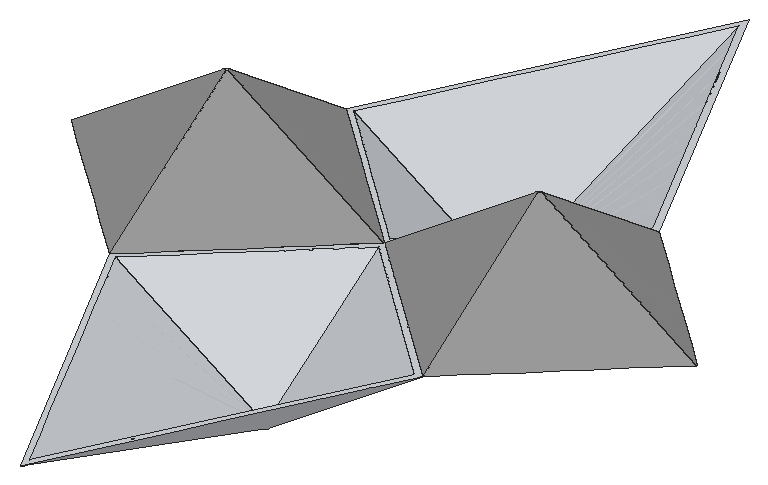
Revit family "CLD-FCT-016_KITE_RTV", category Modelos genéricos, Revit 2022 (continued)
Forms (in)
  Extrusion 309, solid, not visible
    sketch origin (-26.63338, 0.00149, -1.20924) x (0, 1, 0) y (0, 0, -1)
      loop
        line (0.96881, 1.14538) -> (0.96881, -1.85462) -> (0.65631, -1.85462) -> (0.65631, -2.35462) -> (0.96881, -2.35462) -> (3.48948, -2.35462) -> (3.48948, -0.60462) -> (4.19814, -0.60462) -> (4.19814, -2.35462) -> (9.23948, -2.35462) -> (9.23948, -0.60462) -> (9.94814, -0.60462) -> (9.94814, -2.35462) -> (14.98948, -2.35462) -> (14.98948, -0.60462) -> (15.69814, -0.60462) -> (15.69814, -2.35462) -> (20.73948, -2.35462) -> (20.73948, -0.60462) -> (21.44814, -0.60462) -> (21.44814, -2.35462) -> (24.28131, -2.35462) -> (24.28131, -1.85462) -> (23.96881, -1.85462) -> (23.96881, 1.14538) -> (0.96881, 1.14538)
    from -3.96341 to -3.49097
  Extrusion 310, solid, not visible
    sketch origin (-44, 0, 0) x (1, 0, 0) y (0, 0, 1)
      loop
        line (0.96881, 0.64538) -> (0.96881, -2.35462) -> (3.48948, -2.35462) -> (3.48948, -0.60462) -> (4.19814, -0.60462) -> (4.19814, -2.35462) -> (9.23948, -2.35462) -> (9.23948, -0.60462) -> (9.94814, -0.60462) -> (9.94814, -2.35462) -> (14.98948, -2.35462) -> (14.98948, -0.60462) -> (15.69814, -0.60462) -> (15.69814, -2.35462) -> (20.73948, -2.35462) -> (20.73948, -0.60462) -> (21.44814, -0.60462) -> (21.44814, -2.35462) -> (23.96881, -2.35462) -> (23.96881, 0.64538) -> (24.28131, 0.64538) -> (24.28131, 1.14538) -> (0.65631, 1.14538) -> (0.65631, 0.64538) -> (0.96881, 0.64538)
    from -3.60908 to -3.49097
  Extrusion 311, solid, not visible
    sketch origin (-44, 0, 0) x (1, 0, 0) y (0, 0, 1)
      loop
        line (0.96881, 0.64538) -> (0.96881, -2.35462) -> (3.48948, -2.35462) -> (3.48948, -0.60462) -> (4.19814, -0.60462) -> (4.19814, -2.35462) -> (9.23948, -2.35462) -> (9.23948, -0.60462) -> (9.94814, -0.60462) -> (9.94814, -2.35462) -> (14.98948, -2.35462) -> (14.98948, -0.60462) -> (15.69814, -0.60462) -> (15.69814, -2.35462) -> (20.73948, -2.35462) -> (20.73948, -0.60462) -> (21.44814, -0.60462) -> (21.44814, -2.35462) -> (23.96881, -2.35462) -> (23.96881, 0.64538) -> (24.28131, 0.64538) -> (24.28131, 1.14538) -> (0.65631, 1.14538) -> (0.65631, 0.64538) -> (0.96881, 0.64538)
    from -4.08152 to -3.60908
  Extrusion 312, solid, not visible
    sketch origin (-44, 0, 0) x (1, 0, 0) y (0, 0, 1)
      loop
        line (0.96881, 0.64538) -> (0.96881, -2.35462) -> (3.48948, -2.35462) -> (3.48948, -0.60462) -> (4.19814, -0.60462) -> (4.19814, -2.35462) -> (9.23948, -2.35462) -> (9.23948, -0.60462) -> (9.94814, -0.60462) -> (9.94814, -2.35462) -> (14.98948, -2.35462) -> (14.98948, -0.60462) -> (15.69814, -0.60462) -> (15.69814, -2.35462) -> (20.73948, -2.35462) -> (20.73948, -0.60462) -> (21.44814, -0.60462) -> (21.44814, -2.35462) -> (23.96881, -2.35462) -> (23.96881, 0.64538) -> (24.28131, 0.64538) -> (24.28131, 1.14538) -> (0.65631, 1.14538) -> (0.65631, 0.64538) -> (0.96881, 0.64538)
    from -4.19963 to -4.08152
  Extrusion 313, solid, not visible
    sketch origin (-44.00149, 0.00149, -1.20924) x (0, 1, 0) y (0, 0, -1)
      loop
        line (0.96881, 1.14538) -> (0.96881, -1.85462) -> (0.65631, -1.85462) -> (0.65631, -2.35462) -> (0.96881, -2.35462) -> (3.48948, -2.35462) -> (3.48948, -0.60462) -> (4.19814, -0.60462) -> (4.19814, -2.35462) -> (9.23948, -2.35462) -> (9.23948, -0.60462) -> (9.94814, -0.60462) -> (9.94814, -2.35462) -> (14.98948, -2.35462) -> (14.98948, -0.60462) -> (15.69814, -0.60462) -> (15.69814, -2.35462) -> (20.73948, -2.35462) -> (20.73948, -0.60462) -> (21.44814, -0.60462) -> (21.44814, -2.35462) -> (24.28131, -2.35462) -> (24.28131, -1.85462) -> (23.96881, -1.85462) -> (23.96881, 1.14538) -> (0.96881, 1.14538)
    from -3.60908 to -3.49097
  Extrusion 314, solid, not visible
    sketch origin (-43.88338, 0.00149, -1.20924) x (0, 1, 0) y (0, 0, -1)
      loop
        line (0.96881, 1.14538) -> (0.96881, -1.85462) -> (0.65631, -1.85462) -> (0.65631, -2.35462) -> (0.96881, -2.35462) -> (3.48948, -2.35462) -> (3.48948, -0.60462) -> (4.19814, -0.60462) -> (4.19814, -2.35462) -> (9.23948, -2.35462) -> (9.23948, -0.60462) -> (9.94814, -0.60462) -> (9.94814, -2.35462) -> (14.98948, -2.35462) -> (14.98948, -0.60462) -> (15.69814, -0.60462) -> (15.69814, -2.35462) -> (20.73948, -2.35462) -> (20.73948, -0.60462) -> (21.44814, -0.60462) -> (21.44814, -2.35462) -> (24.28131, -2.35462) -> (24.28131, -1.85462) -> (23.96881, -1.85462) -> (23.96881, 1.14538) -> (0.96881, 1.14538)
    from -3.96341 to -3.49097
  Extrusion 315, solid, not visible
    sketch origin (-44.00149, 0.00149, -1.20924) x (0, 1, 0) y (0, 0, -1)
      loop
        line (0.96881, 1.14538) -> (0.96881, -1.85462) -> (0.65631, -1.85462) -> (0.65631, -2.35462) -> (0.96881, -2.35462) -> (3.48948, -2.35462) -> (3.48948, -0.60462) -> (4.19814, -0.60462) -> (4.19814, -2.35462) -> (9.23948, -2.35462) -> (9.23948, -0.60462) -> (9.94814, -0.60462) -> (9.94814, -2.35462) -> (14.98948, -2.35462) -> (14.98948, -0.60462) -> (15.69814, -0.60462) -> (15.69814, -2.35462) -> (20.73948, -2.35462) -> (20.73948, -0.60462) -> (21.44814, -0.60462) -> (21.44814, -2.35462) -> (24.28131, -2.35462) -> (24.28131, -1.85462) -> (23.96881, -1.85462) -> (23.96881, 1.14538) -> (0.96881, 1.14538)
    from -4.19963 to -4.08152
  Extrusion 316, solid, not visible
    sketch origin (-44, 0, 0) x (1, 0, 0) y (0, 0, 1)
      loop
        line (0.96881, 0.64538) -> (0.96881, -2.35462) -> (3.48948, -2.35462) -> (3.48948, -0.60462) -> (4.19814, -0.60462) -> (4.19814, -2.35462) -> (9.23948, -2.35462) -> (9.23948, -0.60462) -> (9.94814, -0.60462) -> (9.94814, -2.35462) -> (14.98948, -2.35462) -> (14.98948, -0.60462) -> (15.69814, -0.60462) -> (15.69814, -2.35462) -> (20.73948, -2.35462) -> (20.73948, -0.60462) -> (21.44814, -0.60462) -> (21.44814, -2.35462) -> (23.96881, -2.35462) -> (23.96881, 0.64538) -> (24.28131, 0.64538) -> (24.28131, 1.14538) -> (0.65631, 1.14538) -> (0.65631, 0.64538) -> (0.96881, 0.64538)
    from -9.94963 to -9.83152
  Extrusion 317, solid, not visible
    sketch origin (-44, 0, 0) x (1, 0, 0) y (0, 0, 1)
      loop
        line (0.96881, 0.64538) -> (0.96881, -2.35462) -> (3.48948, -2.35462) -> (3.48948, -0.60462) -> (4.19814, -0.60462) -> (4.19814, -2.35462) -> (9.23948, -2.35462) -> (9.23948, -0.60462) -> (9.94814, -0.60462) -> (9.94814, -2.35462) -> (14.98948, -2.35462) -> (14.98948, -0.60462) -> (15.69814, -0.60462) -> (15.69814, -2.35462) -> (20.73948, -2.35462) -> (20.73948, -0.60462) -> (21.44814, -0.60462) -> (21.44814, -2.35462) -> (23.96881, -2.35462) -> (23.96881, 0.64538) -> (24.28131, 0.64538) -> (24.28131, 1.14538) -> (0.65631, 1.14538) -> (0.65631, 0.64538) -> (0.96881, 0.64538)
    from -9.35908 to -9.24097
  Extrusion 318, solid, not visible
    sketch origin (-44, 0, 0) x (1, 0, 0) y (0, 0, 1)
      loop
        line (0.96881, 0.64538) -> (0.96881, -2.35462) -> (3.48948, -2.35462) -> (3.48948, -0.60462) -> (4.19814, -0.60462) -> (4.19814, -2.35462) -> (9.23948, -2.35462) -> (9.23948, -0.60462) -> (9.94814, -0.60462) -> (9.94814, -2.35462) -> (14.98948, -2.35462) -> (14.98948, -0.60462) -> (15.69814, -0.60462) -> (15.69814, -2.35462) -> (20.73948, -2.35462) -> (20.73948, -0.60462) -> (21.44814, -0.60462) -> (21.44814, -2.35462) -> (23.96881, -2.35462) -> (23.96881, 0.64538) -> (24.28131, 0.64538) -> (24.28131, 1.14538) -> (0.65631, 1.14538) -> (0.65631, 0.64538) -> (0.96881, 0.64538)
    from -9.83152 to -9.35908
  Extrusion 319, solid, not visible
    sketch origin (-44, 0, 0) x (1, 0, 0) y (0, 0, 1)
      loop
        line (0.96881, 0.64538) -> (0.96881, -2.35462) -> (3.48948, -2.35462) -> (3.48948, -0.60462) -> (4.19814, -0.60462) -> (4.19814, -2.35462) -> (9.23948, -2.35462) -> (9.23948, -0.60462) -> (9.94814, -0.60462) -> (9.94814, -2.35462) -> (14.98948, -2.35462) -> (14.98948, -0.60462) -> (15.69814, -0.60462) -> (15.69814, -2.35462) -> (20.73948, -2.35462) -> (20.73948, -0.60462) -> (21.44814, -0.60462) -> (21.44814, -2.35462) -> (23.96881, -2.35462) -> (23.96881, 0.64538) -> (24.28131, 0.64538) -> (24.28131, 1.14538) -> (0.65631, 1.14538) -> (0.65631, 0.64538) -> (0.96881, 0.64538)
    from -15.69963 to -15.58152
  Extrusion 320, solid, not visible
    sketch origin (-44, 0, 0) x (1, 0, 0) y (0, 0, 1)
      loop
        line (0.96881, 0.64538) -> (0.96881, -2.35462) -> (3.48948, -2.35462) -> (3.48948, -0.60462) -> (4.19814, -0.60462) -> (4.19814, -2.35462) -> (9.23948, -2.35462) -> (9.23948, -0.60462) -> (9.94814, -0.60462) -> (9.94814, -2.35462) -> (14.98948, -2.35462) -> (14.98948, -0.60462) -> (15.69814, -0.60462) -> (15.69814, -2.35462) -> (20.73948, -2.35462) -> (20.73948, -0.60462) -> (21.44814, -0.60462) -> (21.44814, -2.35462) -> (23.96881, -2.35462) -> (23.96881, 0.64538) -> (24.28131, 0.64538) -> (24.28131, 1.14538) -> (0.65631, 1.14538) -> (0.65631, 0.64538) -> (0.96881, 0.64538)
    from -15.10908 to -14.99097
  Extrusion 321, solid, not visible
    sketch origin (-44, 0, 0) x (1, 0, 0) y (0, 0, 1)
      loop
        line (0.96881, 0.64538) -> (0.96881, -2.35462) -> (3.48948, -2.35462) -> (3.48948, -0.60462) -> (4.19814, -0.60462) -> (4.19814, -2.35462) -> (9.23948, -2.35462) -> (9.23948, -0.60462) -> (9.94814, -0.60462) -> (9.94814, -2.35462) -> (14.98948, -2.35462) -> (14.98948, -0.60462) -> (15.69814, -0.60462) -> (15.69814, -2.35462) -> (20.73948, -2.35462) -> (20.73948, -0.60462) -> (21.44814, -0.60462) -> (21.44814, -2.35462) -> (23.96881, -2.35462) -> (23.96881, 0.64538) -> (24.28131, 0.64538) -> (24.28131, 1.14538) -> (0.65631, 1.14538) -> (0.65631, 0.64538) -> (0.96881, 0.64538)
    from -15.58152 to -15.10908
  Extrusion 322, solid, not visible
    sketch origin (-44, 0, 0) x (1, 0, 0) y (0, 0, 1)
      loop
        line (0.96881, 0.64538) -> (0.96881, -2.35462) -> (3.48948, -2.35462) -> (3.48948, -0.60462) -> (4.19814, -0.60462) -> (4.19814, -2.35462) -> (9.23948, -2.35462) -> (9.23948, -0.60462) -> (9.94814, -0.60462) -> (9.94814, -2.35462) -> (14.98948, -2.35462) -> (14.98948, -0.60462) -> (15.69814, -0.60462) -> (15.69814, -2.35462) -> (20.73948, -2.35462) -> (20.73948, -0.60462) -> (21.44814, -0.60462) -> (21.44814, -2.35462) -> (23.96881, -2.35462) -> (23.96881, 0.64538) -> (24.28131, 0.64538) -> (24.28131, 1.14538) -> (0.65631, 1.14538) -> (0.65631, 0.64538) -> (0.96881, 0.64538)
    from -21.44963 to -21.33152
  Extrusion 323, solid, not visible
    sketch origin (-44, 0, 0) x (1, 0, 0) y (0, 0, 1)
      loop
        line (0.96881, 0.64538) -> (0.96881, -2.35462) -> (3.48948, -2.35462) -> (3.48948, -0.60462) -> (4.19814, -0.60462) -> (4.19814, -2.35462) -> (9.23948, -2.35462) -> (9.23948, -0.60462) -> (9.94814, -0.60462) -> (9.94814, -2.35462) -> (14.98948, -2.35462) -> (14.98948, -0.60462) -> (15.69814, -0.60462) -> (15.69814, -2.35462) -> (20.73948, -2.35462) -> (20.73948, -0.60462) -> (21.44814, -0.60462) -> (21.44814, -2.35462) -> (23.96881, -2.35462) -> (23.96881, 0.64538) -> (24.28131, 0.64538) -> (24.28131, 1.14538) -> (0.65631, 1.14538) -> (0.65631, 0.64538) -> (0.96881, 0.64538)
    from -20.85908 to -20.74097
  Extrusion 324, solid, not visible
    sketch origin (-44, 0, 0) x (1, 0, 0) y (0, 0, 1)
      loop
        line (0.96881, 0.64538) -> (0.96881, -2.35462) -> (3.48948, -2.35462) -> (3.48948, -0.60462) -> (4.19814, -0.60462) -> (4.19814, -2.35462) -> (9.23948, -2.35462) -> (9.23948, -0.60462) -> (9.94814, -0.60462) -> (9.94814, -2.35462) -> (14.98948, -2.35462) -> (14.98948, -0.60462) -> (15.69814, -0.60462) -> (15.69814, -2.35462) -> (20.73948, -2.35462) -> (20.73948, -0.60462) -> (21.44814, -0.60462) -> (21.44814, -2.35462) -> (23.96881, -2.35462) -> (23.96881, 0.64538) -> (24.28131, 0.64538) -> (24.28131, 1.14538) -> (0.65631, 1.14538) -> (0.65631, 0.64538) -> (0.96881, 0.64538)
    from -21.33152 to -20.85908
  Extrusion 325, solid, not visible
    sketch origin (-38.25149, 0.00149, -1.20924) x (0, 1, 0) y (0, 0, -1)
      loop
        line (0.96881, 1.14538) -> (0.96881, -1.85462) -> (0.65631, -1.85462) -> (0.65631, -2.35462) -> (0.96881, -2.35462) -> (3.48948, -2.35462) -> (3.48948, -0.60462) -> (4.19814, -0.60462) -> (4.19814, -2.35462) -> (9.23948, -2.35462) -> (9.23948, -0.60462) -> (9.94814, -0.60462) -> (9.94814, -2.35462) -> (14.98948, -2.35462) -> (14.98948, -0.60462) -> (15.69814, -0.60462) -> (15.69814, -2.35462) -> (20.73948, -2.35462) -> (20.73948, -0.60462) -> (21.44814, -0.60462) -> (21.44814, -2.35462) -> (24.28131, -2.35462) -> (24.28131, -1.85462) -> (23.96881, -1.85462) -> (23.96881, 1.14538) -> (0.96881, 1.14538)
    from -4.19963 to -4.08152
  Extrusion 326, solid, not visible
    sketch origin (-38.84204, 0.00149, -1.20924) x (0, 1, 0) y (0, 0, -1)
      loop
        line (0.96881, 1.14538) -> (0.96881, -1.85462) -> (0.65631, -1.85462) -> (0.65631, -2.35462) -> (0.96881, -2.35462) -> (3.48948, -2.35462) -> (3.48948, -0.60462) -> (4.19814, -0.60462) -> (4.19814, -2.35462) -> (9.23948, -2.35462) -> (9.23948, -0.60462) -> (9.94814, -0.60462) -> (9.94814, -2.35462) -> (14.98948, -2.35462) -> (14.98948, -0.60462) -> (15.69814, -0.60462) -> (15.69814, -2.35462) -> (20.73948, -2.35462) -> (20.73948, -0.60462) -> (21.44814, -0.60462) -> (21.44814, -2.35462) -> (24.28131, -2.35462) -> (24.28131, -1.85462) -> (23.96881, -1.85462) -> (23.96881, 1.14538) -> (0.96881, 1.14538)
    from -4.19963 to -4.08152
  Extrusion 327, solid, not visible
    sketch origin (-32.50149, 0.00149, -1.20924) x (0, 1, 0) y (0, 0, -1)
      loop
        line (0.96881, 1.14538) -> (0.96881, -1.85462) -> (0.65631, -1.85462) -> (0.65631, -2.35462) -> (0.96881, -2.35462) -> (3.48948, -2.35462) -> (3.48948, -0.60462) -> (4.19814, -0.60462) -> (4.19814, -2.35462) -> (9.23948, -2.35462) -> (9.23948, -0.60462) -> (9.94814, -0.60462) -> (9.94814, -2.35462) -> (14.98948, -2.35462) -> (14.98948, -0.60462) -> (15.69814, -0.60462) -> (15.69814, -2.35462) -> (20.73948, -2.35462) -> (20.73948, -0.60462) -> (21.44814, -0.60462) -> (21.44814, -2.35462) -> (24.28131, -2.35462) -> (24.28131, -1.85462) -> (23.96881, -1.85462) -> (23.96881, 1.14538) -> (0.96881, 1.14538)
    from -4.19963 to -4.08152
  Extrusion 328, solid, not visible
    sketch origin (-33.09204, 0.00149, -1.20924) x (0, 1, 0) y (0, 0, -1)
      loop
        line (0.96881, 1.14538) -> (0.96881, -1.85462) -> (0.65631, -1.85462) -> (0.65631, -2.35462) -> (0.96881, -2.35462) -> (3.48948, -2.35462) -> (3.48948, -0.60462) -> (4.19814, -0.60462) -> (4.19814, -2.35462) -> (9.23948, -2.35462) -> (9.23948, -0.60462) -> (9.94814, -0.60462) -> (9.94814, -2.35462) -> (14.98948, -2.35462) -> (14.98948, -0.60462) -> (15.69814, -0.60462) -> (15.69814, -2.35462) -> (20.73948, -2.35462) -> (20.73948, -0.60462) -> (21.44814, -0.60462) -> (21.44814, -2.35462) -> (24.28131, -2.35462) -> (24.28131, -1.85462) -> (23.96881, -1.85462) -> (23.96881, 1.14538) -> (0.96881, 1.14538)
    from -4.19963 to -4.08152
  Extrusion 329, solid, not visible
    sketch origin (-27.34204, 0.00149, -1.20924) x (0, 1, 0) y (0, 0, -1)
      loop
        line (0.96881, 1.14538) -> (0.96881, -1.85462) -> (0.65631, -1.85462) -> (0.65631, -2.35462) -> (0.96881, -2.35462) -> (3.48948, -2.35462) -> (3.48948, -0.60462) -> (4.19814, -0.60462) -> (4.19814, -2.35462) -> (9.23948, -2.35462) -> (9.23948, -0.60462) -> (9.94814, -0.60462) -> (9.94814, -2.35462) -> (14.98948, -2.35462) -> (14.98948, -0.60462) -> (15.69814, -0.60462) -> (15.69814, -2.35462) -> (20.73948, -2.35462) -> (20.73948, -0.60462) -> (21.44814, -0.60462) -> (21.44814, -2.35462) -> (24.28131, -2.35462) -> (24.28131, -1.85462) -> (23.96881, -1.85462) -> (23.96881, 1.14538) -> (0.96881, 1.14538)
    from -4.19963 to -4.08152
  Extrusion 330, solid, not visible
    sketch origin (-26.75149, 0.00149, -1.20924) x (0, 1, 0) y (0, 0, -1)
      loop
        line (0.96881, 1.14538) -> (0.96881, -1.85462) -> (0.65631, -1.85462) -> (0.65631, -2.35462) -> (0.96881, -2.35462) -> (3.48948, -2.35462) -> (3.48948, -0.60462) -> (4.19814, -0.60462) -> (4.19814, -2.35462) -> (9.23948, -2.35462) -> (9.23948, -0.60462) -> (9.94814, -0.60462) -> (9.94814, -2.35462) -> (14.98948, -2.35462) -> (14.98948, -0.60462) -> (15.69814, -0.60462) -> (15.69814, -2.35462) -> (20.73948, -2.35462) -> (20.73948, -0.60462) -> (21.44814, -0.60462) -> (21.44814, -2.35462) -> (24.28131, -2.35462) -> (24.28131, -1.85462) -> (23.96881, -1.85462) -> (23.96881, 1.14538) -> (0.96881, 1.14538)
    from -4.19963 to -4.08152
  Extrusion 331, solid, not visible
    sketch origin (-38.13338, 0.00149, -1.20924) x (0, 1, 0) y (0, 0, -1)
      loop
        line (0.96881, 1.14538) -> (0.96881, -1.85462) -> (0.65631, -1.85462) -> (0.65631, -2.35462) -> (0.96881, -2.35462) -> (3.48948, -2.35462) -> (3.48948, -0.60462) -> (4.19814, -0.60462) -> (4.19814, -2.35462) -> (9.23948, -2.35462) -> (9.23948, -0.60462) -> (9.94814, -0.60462) -> (9.94814, -2.35462) -> (14.98948, -2.35462) -> (14.98948, -0.60462) -> (15.69814, -0.60462) -> (15.69814, -2.35462) -> (20.73948, -2.35462) -> (20.73948, -0.60462) -> (21.44814, -0.60462) -> (21.44814, -2.35462) -> (24.28131, -2.35462) -> (24.28131, -1.85462) -> (23.96881, -1.85462) -> (23.96881, 1.14538) -> (0.96881, 1.14538)
    from -3.96341 to -3.49097
  Extrusion 332, solid, not visible
    sketch origin (-32.38338, 0.00149, -1.20924) x (0, 1, 0) y (0, 0, -1)
      loop
        line (0.96881, 1.14538) -> (0.96881, -1.85462) -> (0.65631, -1.85462) -> (0.65631, -2.35462) -> (0.96881, -2.35462) -> (3.48948, -2.35462) -> (3.48948, -0.60462) -> (4.19814, -0.60462) -> (4.19814, -2.35462) -> (9.23948, -2.35462) -> (9.23948, -0.60462) -> (9.94814, -0.60462) -> (9.94814, -2.35462) -> (14.98948, -2.35462) -> (14.98948, -0.60462) -> (15.69814, -0.60462) -> (15.69814, -2.35462) -> (20.73948, -2.35462) -> (20.73948, -0.60462) -> (21.44814, -0.60462) -> (21.44814, -2.35462) -> (24.28131, -2.35462) -> (24.28131, -1.85462) -> (23.96881, -1.85462) -> (23.96881, 1.14538) -> (0.96881, 1.14538)
    from -3.96341 to -3.49097
  Extrusion 333, solid, not visible
    sketch origin (-26.63338, 0.00149, -1.20924) x (0, 1, 0) y (0, 0, -1)
      loop
        line (0.96881, 1.14538) -> (0.96881, -1.85462) -> (0.65631, -1.85462) -> (0.65631, -2.35462) -> (0.96881, -2.35462) -> (3.48948, -2.35462) -> (3.48948, -0.60462) -> (4.19814, -0.60462) -> (4.19814, -2.35462) -> (9.23948, -2.35462) -> (9.23948, -0.60462) -> (9.94814, -0.60462) -> (9.94814, -2.35462) -> (14.98948, -2.35462) -> (14.98948, -0.60462) -> (15.69814, -0.60462) -> (15.69814, -2.35462) -> (20.73948, -2.35462) -> (20.73948, -0.60462) -> (21.44814, -0.60462) -> (21.44814, -2.35462) -> (24.28131, -2.35462) -> (24.28131, -1.85462) -> (23.96881, -1.85462) -> (23.96881, 1.14538) -> (0.96881, 1.14538)
    from -3.96341 to -3.49097
  Extrusion 334, solid, not visible
    sketch origin (0, 0, 0) x (1, 0, 0) y (0, 1, 0)
      loop
        line (0, 0.11811) -> (0, 0) -> (48, 0) -> (48, 0.11811) -> (0, 0.11811)
    from 0 to 108
  Extrusion 335, solid, not visible
    sketch origin (0, 0, 0) x (1, 0, 0) y (0, 1, 0)
      loop
        line (0, 0.59055) -> (0, 0.11811) -> (48, 0.11811) -> (48, 0.59055) -> (0, 0.59055)
    from 0 to 108
  Extrusion 336, solid, not visible
    sketch origin (20.06218, -10.5, 0) x (0.5, 0.866025, 0) y (-0.866025, 0.5, 0)
      loop
        line (26.12436, 24.24871) -> (1.87564, 24.24871) -> (0, 21) -> (12.12436, 0) -> (36.37307, 0) -> (38.24871, 3.24871) -> (26.12436, 24.24871)
      loop
        line (35.82754, 0.94488) -> (37.15766, 3.24871) -> (25.57883, 23.30383) -> (2.42117, 23.30383) -> (1.09106, 21) -> (12.66988, 0.94488) -> (35.82754, 0.94488)
    from 0 to 10
  Extrusion 337, solid, not visible
    sketch origin (18.18653, 13.74871, 0) x (-0.5, 0.866025, 0) y (-0.866025, -0.5, 0)
      loop
        line (26.12436, 24.24871) -> (1.87564, 24.24871) -> (0, 21) -> (12.12436, 0) -> (36.37307, 0) -> (38.24871, 3.24871) -> (26.12436, 24.24871)
      loop
        line (35.82754, 0.94488) -> (37.15766, 3.24871) -> (25.57883, 23.30383) -> (2.42117, 23.30383) -> (1.09106, 21) -> (12.66988, 0.94488) -> (35.82754, 0.94488)
    from 0 to 10
  Extrusion 338, solid, not visible
    sketch origin (-23.81347, -10.5, 0) x (-0.5, 0.866025, 0) y (-0.866025, -0.5, 0)
      loop
        line (26.12436, -24.24871) -> (38.24871, -3.24871) -> (36.37307, 0) -> (12.12436, 0) -> (0, -21) -> (1.87564, -24.24871) -> (26.12436, -24.24871)
      loop
        line (35.82754, -0.94488) -> (12.66988, -0.94488) -> (1.09106, -21) -> (2.42117, -23.30383) -> (25.57883, -23.30383) -> (37.15766, -3.24871) -> (35.82754, -0.94488)
    from 0 to 10
  Extrusion 339, solid, not visible
    sketch origin (20.06218, 10.5, 0) x (0.5, -0.866025, 0) y (0.866025, 0.5, 0)
      loop
        line (26.12436, -24.24871) -> (38.24871, -3.24871) -> (36.37307, 0) -> (12.12436, 0) -> (0, -21) -> (1.87564, -24.24871) -> (26.12436, -24.24871)
      loop
        line (35.82754, -0.94488) -> (12.66988, -0.94488) -> (1.09106, -21) -> (2.42117, -23.30383) -> (25.57883, -23.30383) -> (37.15766, -3.24871) -> (35.82754, -0.94488)
    from 0 to 10
  Extrusion 340, solid, not visible
    sketch origin (18.18653, -13.74871, 0) x (-0.5, -0.866025, 0) y (0.866025, -0.5, 0)
      loop
        line (26.12436, -24.24871) -> (38.24871, -3.24871) -> (36.37307, 0) -> (12.12436, 0) -> (0, -21) -> (1.87564, -24.24871) -> (26.12436, -24.24871)
      loop
        line (35.82754, -0.94488) -> (12.66988, -0.94488) -> (1.09106, -21) -> (2.42117, -23.30383) -> (25.57883, -23.30383) -> (37.15766, -3.24871) -> (35.82754, -0.94488)
    from 0 to 10
  Extrusion 341, solid, not visible
    sketch origin (-23.81347, 10.5, 0) x (-0.5, -0.866025, 0) y (0.866025, -0.5, 0)
      loop
        line (26.12436, 24.24871) -> (1.87564, 24.24871) -> (0, 21) -> (12.12436, 0) -> (36.37307, 0) -> (38.24871, 3.24871) -> (26.12436, 24.24871)
      loop
        line (35.82754, 0.94488) -> (37.15766, 3.24871) -> (25.57883, 23.30383) -> (2.42117, 23.30383) -> (1.09106, 21) -> (12.66988, 0.94488) -> (35.82754, 0.94488)
    from 0 to 10
  Extrusion 342, solid, not visible
    sketch origin (-21.93782, 13.74871, 0) x (0.5, 0.866025, 0) y (-0.866025, 0.5, 0)
      loop
        line (26.12436, 24.24871) -> (1.87564, 24.24871) -> (0, 21) -> (12.12436, 0) -> (36.37307, 0) -> (38.24871, 3.24871) -> (26.12436, 24.24871)
      loop
        line (35.82754, 0.94488) -> (37.15766, 3.24871) -> (25.57883, 23.30383) -> (2.42117, 23.30383) -> (1.09106, 21) -> (12.66988, 0.94488) -> (35.82754, 0.94488)
    from 0 to 10
  Extrusion 343, solid, not visible
    sketch origin (-21.94005, -13.75, 0) x (0.5, -0.866025, 0) y (0.866025, 0.5, 0)
      loop
        line (26.12436, -24.24871) -> (38.24871, -3.24871) -> (36.37307, 0) -> (12.12436, 0) -> (0, -21) -> (1.87564, -24.24871) -> (26.12436, -24.24871)
      loop
        line (35.82754, -0.94488) -> (12.66988, -0.94488) -> (1.09106, -21) -> (2.42117, -23.30383) -> (25.57883, -23.30383) -> (37.15766, -3.24871) -> (35.82754, -0.94488)
    from 0 to 10
  Extrusion 344, solid, not visible
    sketch origin (60.18877, 10.50129, 0) x (-0.5, -0.866025, 0) y (0.866025, -0.5, 0)
      loop
        line (26.12436, -24.24871) -> (38.24871, -3.24871) -> (36.37307, 0) -> (12.12436, 0) -> (0, -21) -> (1.87564, -24.24871) -> (26.12436, -24.24871)
      loop
        line (35.82754, -0.94488) -> (12.66988, -0.94488) -> (1.09106, -21) -> (2.42117, -23.30383) -> (25.57883, -23.30383) -> (37.15766, -3.24871) -> (35.82754, -0.94488)
    from 0 to 10
  Extrusion 345, solid, not visible
    sketch origin (0, 0, 0) x (1, 0, 0) y (0, 1, 0)
      loop
        line (1.38495, 0.94488) -> (46.11178, 0.94488) -> (23.74836, 39.67946) -> (1.38495, 0.94488)
      loop
        line (47.17101, 0) -> (47.45969, 0.5) -> (24.03704, 41.06922) -> (23.45969, 41.06922) -> (0.03704, 0.5) -> (0.32571, 0) -> (47.17101, 0)
    from 0 to 6
  Extrusion 346, solid, not visible
    sketch origin (0, 0, 0) x (1, 0, 0) y (0, 1, 0)
      loop
        line (2.47701, 2.83638) -> (45.01972, 2.83638) -> (44.51972, 3.70241) -> (2.97701, 3.70241) -> (2.47701, 2.83638)
    from 2.04823 to 4.04823
  Extrusion 347, solid, not visible
    sketch origin (0, 3.8662, 0) x (1, 0, 0) y (0, 1, 0)
      loop
        line (4.70916, 2.83638) -> (42.78757, 2.83638) -> (42.28757, 3.70241) -> (5.20916, 3.70241) -> (4.70916, 2.83638)
    from 2.04823 to 4.04823
  Extrusion 348, solid, not visible
    sketch origin (0, 7.73239, 0) x (1, 0, 0) y (0, 1, 0)
      loop
        line (6.94131, 2.83638) -> (40.55542, 2.83638) -> (40.05542, 3.70241) -> (7.44131, 3.70241) -> (6.94131, 2.83638)
    from 2.04823 to 4.04823
  Extrusion 349, solid, not visible
    sketch origin (0, 11.59859, 0) x (1, 0, 0) y (0, 1, 0)
      loop
        line (9.17346, 2.83638) -> (38.32327, 2.83638) -> (37.82327, 3.70241) -> (9.67346, 3.70241) -> (9.17346, 2.83638)
    from 2.04823 to 4.04823
  Extrusion 350, solid, not visible
    sketch origin (0, 15.46479, 0) x (1, 0, 0) y (0, 1, 0)
      loop
        line (11.40561, 2.83638) -> (36.09112, 2.83638) -> (35.59112, 3.70241) -> (11.90561, 3.70241) -> (11.40561, 2.83638)
    from 2.04823 to 4.04823
  Extrusion 351, solid, not visible
    sketch origin (0, 19.33099, 0) x (1, 0, 0) y (0, 1, 0)
      loop
        line (13.63776, 2.83638) -> (33.85897, 2.83638) -> (33.35897, 3.70241) -> (14.13776, 3.70241) -> (13.63776, 2.83638)
    from 2.04823 to 4.04823
  Extrusion 352, solid, not visible
    sketch origin (0, 23.19718, 0) x (1, 0, 0) y (0, 1, 0)
      loop
        line (15.86991, 2.83638) -> (31.62682, 2.83638) -> (31.12682, 3.70241) -> (16.36991, 3.70241) -> (15.86991, 2.83638)
    from 2.04823 to 4.04823
  Extrusion 353, solid, not visible
    sketch origin (0, 27.06338, 0) x (1, 0, 0) y (0, 1, 0)
      loop
        line (18.10206, 2.83638) -> (29.39467, 2.83638) -> (28.89467, 3.70241) -> (18.60206, 3.70241) -> (18.10206, 2.83638)
    from 2.04823 to 4.04823
  Extrusion 354, solid, not visible
    sketch origin (0, 30.92958, 0) x (1, 0, 0) y (0, 1, 0)
      loop
        line (20.33421, 2.83638) -> (27.16252, 2.83638) -> (26.66252, 3.70241) -> (20.83421, 3.70241) -> (20.33421, 2.83638)
    from 2.04823 to 4.04823
Dimensions and locks (in)
  aligned and locked: level to plane 2
Nested families (in)
  nested 1: "CLD-FCT-016_KITE_1_RTV" at (0, 45, 0), type "CLD-FCT-016_KITE_1_RTV"
  nested 2: "CLD-FCT-016_KITE_1_RTV" at (28.5, -37.37618, 0) x (-1, 0, 0) z (0, 0, 1), type "CLD-FCT-016_KITE_1_RTV"
  nested 3: "CLD-FCT-016_KITE_2_RTV" at (14.36528, -23.79447, 0), type "CLD-FCT-016_KITE_2_RTV"
  nested 4: "CLD-FCT-016_KITE_2_RTV" at (-14.36528, -23.79447, 0), type "CLD-FCT-016_KITE_2_RTV"
Definition of nested family "CLD-FCT-016_KITE_1_RTV"
  Parameters
    Default Elevation = 0.00"
  Reference planes (in)
    plane 1 "Centro (Frontal/Posterior)": y = 0
    plane 2: z = 0
    plane 3 "Centro (Izquierda/Derecha)": x = 0
  Forms (in)
    Extrusion 1, solid, not visible
      sketch origin (0, 0, 0) x (1, 0, 0) y (0, 1, 0)
        loop
          line (0, 2.25) -> (0, 0) -> (108, 0) -> (108, 2.25) -> (0, 2.25)
      from 0 to 8
    Extrusion 2, solid, not visible
      sketch origin (0, 0, 0) x (1, 0, 0) y (0, 1, 0)
        loop
          line (0, 2.25) -> (0, 0) -> (108, 0) -> (108, 2.25) -> (0, 2.25)
      from 0 to 8
    Extrusion 3, solid, not visible
      sketch origin (0, 8, 0) x (1, 0, 0) y (0, 1, 0)
        loop
          line (0, 2.25) -> (0, 0) -> (108, 0) -> (108, 2.25) -> (0, 2.25)
      from 0 to 8
    Extrusion 4, solid, not visible
      sketch origin (0, 16, 0) x (1, 0, 0) y (0, 1, 0)
        loop
          line (0, 2.25) -> (0, 0) -> (108, 0) -> (108, 2.25) -> (0, 2.25)
      from 0 to 8
    Extrusion 5, solid, not visible
      sketch origin (0, 24, 0) x (1, 0, 0) y (0, 1, 0)
        loop
          line (0, 2.25) -> (0, 0) -> (108, 0) -> (108, 2.25) -> (0, 2.25)
      from 0 to 8
    Extrusion 6, solid, not visible
      sketch origin (0, 32, 0) x (1, 0, 0) y (0, 1, 0)
        loop
          line (0, 2.25) -> (0, 0) -> (108, 0) -> (108, 2.25) -> (0, 2.25)
      from 0 to 8
    Extrusion 7, solid, not visible
      sketch origin (0, 40, 0) x (1, 0, 0) y (0, 1, 0)
        loop
          line (0, 2.25) -> (0, 0) -> (108, 0) -> (108, 2.25) -> (0, 2.25)
      from 0 to 8
    Extrusion 8, solid, not visible
      sketch origin (0, 48, 0) x (1, 0, 0) y (0, 1, 0)
        loop
          line (0, 2.25) -> (0, 0) -> (108, 0) -> (108, 2.25) -> (0, 2.25)
      from 0 to 8
    Extrusion 9, solid, not visible
      sketch origin (0, 56, 0) x (1, 0, 0) y (0, 1, 0)
        loop
          line (0, 2.25) -> (0, 0) -> (108, 0) -> (108, 2.25) -> (0, 2.25)
      from 0 to 8
    Extrusion 10, solid, not visible
      sketch origin (0, 64, 0) x (1, 0, 0) y (0, 1, 0)
        loop
          line (0, 2.25) -> (0, 0) -> (108, 0) -> (108, 2.25) -> (0, 2.25)
      from 0 to 8
    Extrusion 11, solid, not visible
      sketch origin (0, 72, 0) x (1, 0, 0) y (0, 1, 0)
        loop
          line (0, 2.25) -> (0, 0) -> (108, 0) -> (108, 2.25) -> (0, 2.25)
      from 0 to 8
    Extrusion 12, solid, not visible
      sketch origin (0, 80, 0) x (1, 0, 0) y (0, 1, 0)
        loop
          line (0, 2.25) -> (0, 0) -> (108, 0) -> (108, 2.25) -> (0, 2.25)
      from 0 to 8
    Extrusion 13, solid, not visible
      sketch origin (0, 88, 0) x (1, 0, 0) y (0, 1, 0)
        loop
          line (0, 2.25) -> (0, 0) -> (108, 0) -> (108, 2.25) -> (0, 2.25)
      from 0 to 8
    Extrusion 14, solid, not visible
      sketch origin (0, 96, 0) x (1, 0, 0) y (0, 1, 0)
        loop
          line (0, 2.25) -> (0, 0) -> (108, 0) -> (108, 2.25) -> (0, 2.25)
      from 0 to 8
    Extrusion 15, solid, not visible
      sketch origin (0, 104, 0) x (1, 0, 0) y (0, 1, 0)
        loop
          line (0, 2.25) -> (0, 0) -> (108, 0) -> (108, 2.25) -> (0, 2.25)
      from 0 to 8
    Extrusion 16, solid, not visible
      sketch origin (0, 112, 0) x (1, 0, 0) y (0, 1, 0)
        loop
          line (0, 2.25) -> (0, 0) -> (108, 0) -> (108, 2.25) -> (0, 2.25)
      from 0 to 8
    Extrusion 17, solid, not visible
      sketch origin (0, 120, 0) x (1, 0, 0) y (0, 1, 0)
        loop
          line (0, 2.25) -> (0, 0) -> (108, 0) -> (108, 2.25) -> (0, 2.25)
      from 0 to 8
    Extrusion 18, solid, not visible
      sketch origin (0, 128, 0) x (1, 0, 0) y (0, 1, 0)
        loop
          line (0, 2.25) -> (0, 0) -> (108, 0) -> (108, 2.25) -> (0, 2.25)
      from 0 to 8
    Extrusion 19, solid, not visible
      sketch origin (0, 136, 0) x (1, 0, 0) y (0, 1, 0)
        loop
          line (0, 2.25) -> (0, 0) -> (108, 0) -> (108, 2.25) -> (0, 2.25)
      from 0 to 8
    Extrusion 20, solid, not visible
      sketch origin (0, 144, 0) x (1, 0, 0) y (0, 1, 0)
        loop
          line (0, 2.25) -> (0, 0) -> (108, 0) -> (108, 2.25) -> (0, 2.25)
      from 0 to 8
    Extrusion 21, solid, not visible
      sketch origin (0, 152, 0) x (1, 0, 0) y (0, 1, 0)
        loop
          line (0, 2.25) -> (0, 0) -> (108, 0) -> (108, 2.25) -> (0, 2.25)
      from 0 to 8
    Extrusion 22, solid, not visible
      sketch origin (109, 0, 0) x (1, 0, 0) y (0, 1, 0)
        loop
          line (0, 2.25) -> (0, 0) -> (108, 0) -> (108, 2.25) -> (0, 2.25)
      from 0 to 8
    Extrusion 23, solid, not visible
      sketch origin (109, 8, 0) x (1, 0, 0) y (0, 1, 0)
        loop
          line (0, 2.25) -> (0, 0) -> (108, 0) -> (108, 2.25) -> (0, 2.25)
      from 0 to 8
    Extrusion 24, solid, not visible
      sketch origin (109, 16, 0) x (1, 0, 0) y (0, 1, 0)
        loop
          line (0, 2.25) -> (0, 0) -> (108, 0) -> (108, 2.25) -> (0, 2.25)
      from 0 to 8
    Extrusion 25, solid, not visible
      sketch origin (109, 24, 0) x (1, 0, 0) y (0, 1, 0)
        loop
          line (0, 2.25) -> (0, 0) -> (108, 0) -> (108, 2.25) -> (0, 2.25)
      from 0 to 8
    Extrusion 26, solid, not visible
      sketch origin (109, 32, 0) x (1, 0, 0) y (0, 1, 0)
        loop
          line (0, 2.25) -> (0, 0) -> (108, 0) -> (108, 2.25) -> (0, 2.25)
      from 0 to 8
    Extrusion 27, solid, not visible
      sketch origin (109, 40, 0) x (1, 0, 0) y (0, 1, 0)
        loop
          line (0, 2.25) -> (0, 0) -> (108, 0) -> (108, 2.25) -> (0, 2.25)
      from 0 to 8
    Extrusion 28, solid, not visible
      sketch origin (109, 48, 0) x (1, 0, 0) y (0, 1, 0)
        loop
          line (0, 2.25) -> (0, 0) -> (108, 0) -> (108, 2.25) -> (0, 2.25)
      from 0 to 8
    Extrusion 29, solid, not visible
      sketch origin (109, 56, 0) x (1, 0, 0) y (0, 1, 0)
        loop
          line (0, 2.25) -> (0, 0) -> (108, 0) -> (108, 2.25) -> (0, 2.25)
      from 0 to 8
    Extrusion 30, solid, not visible
      sketch origin (109, 64, 0) x (1, 0, 0) y (0, 1, 0)
        loop
          line (0, 2.25) -> (0, 0) -> (108, 0) -> (108, 2.25) -> (0, 2.25)
      from 0 to 8
    Extrusion 31, solid, not visible
      sketch origin (109, 72, 0) x (1, 0, 0) y (0, 1, 0)
        loop
          line (0, 2.25) -> (0, 0) -> (108, 0) -> (108, 2.25) -> (0, 2.25)
      from 0 to 8
    Extrusion 32, solid, not visible
      sketch origin (109, 80, 0) x (1, 0, 0) y (0, 1, 0)
        loop
          line (0, 2.25) -> (0, 0) -> (108, 0) -> (108, 2.25) -> (0, 2.25)
      from 0 to 8
    Extrusion 33, solid, not visible
      sketch origin (109, 88, 0) x (1, 0, 0) y (0, 1, 0)
        loop
          line (0, 2.25) -> (0, 0) -> (108, 0) -> (108, 2.25) -> (0, 2.25)
      from 0 to 8
    Extrusion 34, solid, not visible
      sketch origin (109, 96, 0) x (1, 0, 0) y (0, 1, 0)
        loop
          line (0, 2.25) -> (0, 0) -> (108, 0) -> (108, 2.25) -> (0, 2.25)
      from 0 to 8
    Extrusion 35, solid, not visible
      sketch origin (109, 104, 0) x (1, 0, 0) y (0, 1, 0)
        loop
          line (0, 2.25) -> (0, 0) -> (108, 0) -> (108, 2.25) -> (0, 2.25)
      from 0 to 8
    Extrusion 36, solid, not visible
      sketch origin (109, 112, 0) x (1, 0, 0) y (0, 1, 0)
        loop
          line (0, 2.25) -> (0, 0) -> (108, 0) -> (108, 2.25) -> (0, 2.25)
      from 0 to 8
    Extrusion 37, solid, not visible
      sketch origin (109, 120, 0) x (1, 0, 0) y (0, 1, 0)
        loop
          line (0, 2.25) -> (0, 0) -> (108, 0) -> (108, 2.25) -> (0, 2.25)
      from 0 to 8
    Extrusion 38, solid, not visible
      sketch origin (109, 128, 0) x (1, 0, 0) y (0, 1, 0)
        loop
          line (0, 2.25) -> (0, 0) -> (108, 0) -> (108, 2.25) -> (0, 2.25)
      from 0 to 8
    Extrusion 39, solid, not visible
      sketch origin (109, 136, 0) x (1, 0, 0) y (0, 1, 0)
        loop
          line (0, 2.25) -> (0, 0) -> (108, 0) -> (108, 2.25) -> (0, 2.25)
      from 0 to 8
    Extrusion 40, solid, not visible
      sketch origin (109, 144, 0) x (1, 0, 0) y (0, 1, 0)
        loop
          line (0, 2.25) -> (0, 0) -> (108, 0) -> (108, 2.25) -> (0, 2.25)
      from 0 to 8
    Extrusion 41, solid, not visible
      sketch origin (109, 152, 0) x (1, 0, 0) y (0, 1, 0)
        loop
          line (0, 2.25) -> (0, 0) -> (108, 0) -> (108, 2.25) -> (0, 2.25)
      from 0 to 8
    Extrusion 42, solid, not visible
      sketch origin (-108, 0, 0) x (1, 0, 0) y (0, 1, 0)
        loop
          line (0, 2.25) -> (0, 0) -> (108, 0) -> (108, 2.25) -> (0, 2.25)
      from 0 to 8
    Extrusion 43, solid, not visible
      sketch origin (-108, 8, 0) x (1, 0, 0) y (0, 1, 0)
        loop
          line (0, 2.25) -> (0, 0) -> (108, 0) -> (108, 2.25) -> (0, 2.25)
      from 0 to 8
    Extrusion 44, solid, not visible
      sketch origin (-108, 16, 0) x (1, 0, 0) y (0, 1, 0)
        loop
          line (0, 2.25) -> (0, 0) -> (108, 0) -> (108, 2.25) -> (0, 2.25)
      from 0 to 8
    Extrusion 45, solid, not visible
      sketch origin (-108, 24, 0) x (1, 0, 0) y (0, 1, 0)
        loop
          line (0, 2.25) -> (0, 0) -> (108, 0) -> (108, 2.25) -> (0, 2.25)
      from 0 to 8
    Extrusion 46, solid, not visible
      sketch origin (-108, 32, 0) x (1, 0, 0) y (0, 1, 0)
        loop
          line (0, 2.25) -> (0, 0) -> (108, 0) -> (108, 2.25) -> (0, 2.25)
      from 0 to 8
    Extrusion 47, solid, not visible
      sketch origin (-108, 40, 0) x (1, 0, 0) y (0, 1, 0)
        loop
          line (0, 2.25) -> (0, 0) -> (108, 0) -> (108, 2.25) -> (0, 2.25)
      from 0 to 8
    Extrusion 48, solid, not visible
      sketch origin (1, 0, 0) x (1, 0, 0) y (0, 1, 0)
        loop
          line (0, 2.25) -> (0, 0) -> (108, 0) -> (108, 2.25) -> (0, 2.25)
      from 0 to 8
    Extrusion 49, solid, not visible
      sketch origin (1, 8, 0) x (1, 0, 0) y (0, 1, 0)
        loop
          line (0, 2.25) -> (0, 0) -> (108, 0) -> (108, 2.25) -> (0, 2.25)
      from 0 to 8
    Extrusion 50, solid, not visible
      sketch origin (1, 16, 0) x (1, 0, 0) y (0, 1, 0)
        loop
          line (0, 2.25) -> (0, 0) -> (108, 0) -> (108, 2.25) -> (0, 2.25)
      from 0 to 8
    Extrusion 51, solid, not visible
      sketch origin (1, 24, 0) x (1, 0, 0) y (0, 1, 0)
        loop
          line (0, 2.25) -> (0, 0) -> (108, 0) -> (108, 2.25) -> (0, 2.25)
      from 0 to 8
    Extrusion 52, solid, not visible
      sketch origin (1, 32, 0) x (1, 0, 0) y (0, 1, 0)
        loop
          line (0, 2.25) -> (0, 0) -> (108, 0) -> (108, 2.25) -> (0, 2.25)
      from 0 to 8
    Extrusion 53, solid, not visible
      sketch origin (1, 40, 0) x (1, 0, 0) y (0, 1, 0)
        loop
          line (0, 2.25) -> (0, 0) -> (108, 0) -> (108, 2.25) -> (0, 2.25)
      from 0 to 8
    Extrusion 54, solid, not visible
      sketch origin (-108, 48, 0) x (1, 0, 0) y (0, 1, 0)
        loop
          line (0, 2.25) -> (0, 0) -> (108, 0) -> (108, 2.25) -> (0, 2.25)
      from 0 to 8
    Extrusion 55, solid, not visible
      sketch origin (-108, 56, 0) x (1, 0, 0) y (0, 1, 0)
        loop
          line (0, 2.25) -> (0, 0) -> (108, 0) -> (108, 2.25) -> (0, 2.25)
      from 0 to 8
    Extrusion 56, solid, not visible
      sketch origin (-108, 64, 0) x (1, 0, 0) y (0, 1, 0)
        loop
          line (0, 2.25) -> (0, 0) -> (108, 0) -> (108, 2.25) -> (0, 2.25)
      from 0 to 8
    Extrusion 57, solid, not visible
      sketch origin (-108, 72, 0) x (1, 0, 0) y (0, 1, 0)
        loop
          line (0, 2.25) -> (0, 0) -> (108, 0) -> (108, 2.25) -> (0, 2.25)
      from 0 to 8
    Extrusion 58, solid, not visible
      sketch origin (-108, 80, 0) x (1, 0, 0) y (0, 1, 0)
        loop
          line (0, 2.25) -> (0, 0) -> (108, 0) -> (108, 2.25) -> (0, 2.25)
      from 0 to 8
    Extrusion 59, solid, not visible
      sketch origin (1, 48, 0) x (1, 0, 0) y (0, 1, 0)
        loop
          line (0, 2.25) -> (0, 0) -> (108, 0) -> (108, 2.25) -> (0, 2.25)
      from 0 to 8
    Extrusion 60, solid, not visible
      sketch origin (1, 56, 0) x (1, 0, 0) y (0, 1, 0)
        loop
          line (0, 2.25) -> (0, 0) -> (108, 0) -> (108, 2.25) -> (0, 2.25)
      from 0 to 8
    Extrusion 61, solid, not visible
      sketch origin (1, 64, 0) x (1, 0, 0) y (0, 1, 0)
        loop
          line (0, 2.25) -> (0, 0) -> (108, 0) -> (108, 2.25) -> (0, 2.25)
      from 0 to 8
    Extrusion 62, solid, not visible
      sketch origin (1, 72, 0) x (1, 0, 0) y (0, 1, 0)
        loop
          line (0, 2.25) -> (0, 0) -> (108, 0) -> (108, 2.25) -> (0, 2.25)
      from 0 to 8
    Extrusion 63, solid, not visible
      sketch origin (1, 80, 0) x (1, 0, 0) y (0, 1, 0)
        loop
          line (0, 2.25) -> (0, 0) -> (108, 0) -> (108, 2.25) -> (0, 2.25)
      from 0 to 8
    Extrusion 64, solid, not visible
      sketch origin (-108, 88, 0) x (1, 0, 0) y (0, 1, 0)
        loop
          line (0, 2.25) -> (0, 0) -> (108, 0) -> (108, 2.25) -> (0, 2.25)
      from 0 to 8
    Extrusion 65, solid, not visible
      sketch origin (-108, 96, 0) x (1, 0, 0) y (0, 1, 0)
        loop
          line (0, 2.25) -> (0, 0) -> (108, 0) -> (108, 2.25) -> (0, 2.25)
      from 0 to 8
    Extrusion 66, solid, not visible
      sketch origin (-108, 104, 0) x (1, 0, 0) y (0, 1, 0)
        loop
          line (0, 2.25) -> (0, 0) -> (108, 0) -> (108, 2.25) -> (0, 2.25)
      from 0 to 8
    Extrusion 67, solid, not visible
      sketch origin (-108, 112, 0) x (1, 0, 0) y (0, 1, 0)
        loop
          line (0, 2.25) -> (0, 0) -> (108, 0) -> (108, 2.25) -> (0, 2.25)
      from 0 to 8
    Extrusion 68, solid, not visible
      sketch origin (-108, 120, 0) x (1, 0, 0) y (0, 1, 0)
        loop
          line (0, 2.25) -> (0, 0) -> (108, 0) -> (108, 2.25) -> (0, 2.25)
      from 0 to 8
    Extrusion 69, solid, not visible
      sketch origin (1, 88, 0) x (1, 0, 0) y (0, 1, 0)
        loop
          line (0, 2.25) -> (0, 0) -> (108, 0) -> (108, 2.25) -> (0, 2.25)
      from 0 to 8
    Extrusion 70, solid, not visible
      sketch origin (1, 96, 0) x (1, 0, 0) y (0, 1, 0)
        loop
          line (0, 2.25) -> (0, 0) -> (108, 0) -> (108, 2.25) -> (0, 2.25)
      from 0 to 8
    Extrusion 71, solid, not visible
      sketch origin (1, 104, 0) x (1, 0, 0) y (0, 1, 0)
        loop
          line (0, 2.25) -> (0, 0) -> (108, 0) -> (108, 2.25) -> (0, 2.25)
      from 0 to 8
    Extrusion 72, solid, not visible
      sketch origin (1, 112, 0) x (1, 0, 0) y (0, 1, 0)
        loop
          line (0, 2.25) -> (0, 0) -> (108, 0) -> (108, 2.25) -> (0, 2.25)
      from 0 to 8
    Extrusion 73, solid, not visible
      sketch origin (1, 120, 0) x (1, 0, 0) y (0, 1, 0)
        loop
          line (0, 2.25) -> (0, 0) -> (108, 0) -> (108, 2.25) -> (0, 2.25)
      from 0 to 8
    Extrusion 74, solid, not visible
      sketch origin (-108, 128, 0) x (1, 0, 0) y (0, 1, 0)
        loop
          line (0, 2.25) -> (0, 0) -> (108, 0) -> (108, 2.25) -> (0, 2.25)
      from 0 to 8
    Extrusion 75, solid, not visible
      sketch origin (-108, 136, 0) x (1, 0, 0) y (0, 1, 0)
        loop
          line (0, 2.25) -> (0, 0) -> (108, 0) -> (108, 2.25) -> (0, 2.25)
      from 0 to 8
    Extrusion 76, solid, not visible
      sketch origin (-108, 144, 0) x (1, 0, 0) y (0, 1, 0)
        loop
          line (0, 2.25) -> (0, 0) -> (108, 0) -> (108, 2.25) -> (0, 2.25)
      from 0 to 8
    Extrusion 77, solid, not visible
      sketch origin (-108, 152, 0) x (1, 0, 0) y (0, 1, 0)
        loop
          line (0, 2.25) -> (0, 0) -> (108, 0) -> (108, 2.25) -> (0, 2.25)
      from 0 to 8
    Extrusion 78, solid, not visible
      sketch origin (-108, 160, 0) x (1, 0, 0) y (0, 1, 0)
        loop
          line (0, 2.25) -> (0, 0) -> (108, 0) -> (108, 2.25) -> (0, 2.25)
      from 0 to 8
    Extrusion 79, solid, not visible
      sketch origin (1, 128, 0) x (1, 0, 0) y (0, 1, 0)
        loop
          line (0, 2.25) -> (0, 0) -> (108, 0) -> (108, 2.25) -> (0, 2.25)
      from 0 to 8
    Extrusion 80, solid, not visible
      sketch origin (1, 136, 0) x (1, 0, 0) y (0, 1, 0)
        loop
          line (0, 2.25) -> (0, 0) -> (108, 0) -> (108, 2.25) -> (0, 2.25)
      from 0 to 8
    Extrusion 81, solid, not visible
      sketch origin (1, 144, 0) x (1, 0, 0) y (0, 1, 0)
        loop
          line (0, 2.25) -> (0, 0) -> (108, 0) -> (108, 2.25) -> (0, 2.25)
      from 0 to 8
    Extrusion 82, solid, not visible
      sketch origin (1, 152, 0) x (1, 0, 0) y (0, 1, 0)
        loop
          line (0, 2.25) -> (0, 0) -> (108, 0) -> (108, 2.25) -> (0, 2.25)
      from 0 to 8
    Extrusion 83, solid, not visible
      sketch origin (1, 160, 0) x (1, 0, 0) y (0, 1, 0)
        loop
          line (0, 2.25) -> (0, 0) -> (108, 0) -> (108, 2.25) -> (0, 2.25)
      from 0 to 8
    Extrusion 84, solid, not visible
      sketch origin (0, 0, 0) x (1, 0, 0) y (0, 1, 0)
        loop
          line (0, 3) -> (0, 0) -> (108, 0) -> (108, 3) -> (0, 3)
      from 0 to 8
    Extrusion 85, void, not visible
      sketch origin (0, 0, 0) x (1, 0, 0) y (0, 1, 0)
        loop
          line (6, 2) -> (6, 1) -> (66, 1) -> (66, 2) -> (6, 2)
      from 0 to 1.03
    Extrusion 86, solid, not visible
      sketch origin (0, 0, 0) x (1, 0, 0) y (0, 1, 0)
        loop
          line (0, 3) -> (0, 0) -> (108, 0) -> (108, 3) -> (0, 3)
      from 0 to 8
    Extrusion 87, void, not visible
      sketch origin (0, 0, 0) x (1, 0, 0) y (0, 1, 0)
        loop
          line (6, 2) -> (6, 1) -> (66, 1) -> (66, 2) -> (6, 2)
      from 0 to 1.03
    Extrusion 88, solid, not visible
      sketch origin (0, 0, 0) x (1, 0, 0) y (0, 1, 0)
        loop
          line (6, 2) -> (6, 1) -> (66, 1) -> (66, 2) -> (6, 2)
      from 0 to 1.03
    Extrusion 89, solid, not visible
      sketch origin (0, 32, 0) x (1, 0, 0) y (0, 1, 0)
        loop
          line (0, 3) -> (0, 0) -> (108, 0) -> (108, 3) -> (0, 3)
      from 0 to 8
    Extrusion 90, void, not visible
      sketch origin (0, 32, 0) x (1, 0, 0) y (0, 1, 0)
        loop
          line (6, 2) -> (6, 1) -> (102, 1) -> (102, 2) -> (6, 2)
      from 0 to 1.03
    Extrusion 91, solid, not visible
      sketch origin (8.95842, -18.67436, 0) x (1, 0, 0) y (0, 1, 0)
        loop
          line (-8.48642, 97.64679) -> (-8.48642, 97.17436) -> (98.56914, 97.17436) -> (98.56914, 97.64679) -> (-8.48642, 97.64679)
      from 0.59055 to 8
    Extrusion 92, solid, not visible
      sketch origin (8.95842, -16.6468, 0) x (1, 0, 0) y (0, 1, 0)
        loop
          line (-8.48642, 97.64679) -> (-8.48642, 97.17436) -> (98.56914, 97.17436) -> (98.56914, 97.64679) -> (-8.48642, 97.64679)
      from 0.59055 to 8
    Extrusion 93, solid, not visible
      sketch origin (60.46912, 110.28574, 0) x (1, 0, 0) y (0, 1, 0)
        loop
          line (45.03088, -29.28574) -> (-57.96911, -29.28574) -> (-57.96911, -31.78574) -> (45.03088, -31.78574) -> (45.03088, -29.28574)
        loop
          line (23.78088, -31.03574) -> (41.78088, -31.03574) -> (41.78088, -30.03574) -> (23.78088, -30.03574) -> (23.78088, -31.03574)
        loop
          line (-54.71912, -31.03574) -> (-36.71912, -31.03574) -> (-36.71912, -30.03574) -> (-54.71912, -30.03574) -> (-54.71912, -31.03574)
      from 0 to 0.59055
    Extrusion 94, solid, not visible
      sketch origin (108, 51.5, 0) x (0, 1, 0) y (-1, 0, 0)
        loop
          line (27.75, 102.25) -> (27.75, 84.25) -> (28.75, 84.25) -> (28.75, 102.25) -> (27.75, 102.25)
      from 0 to 1
    Extrusion 95, solid, not visible
      sketch origin (186.5, 51.5, 0) x (0, 1, 0) y (-1, 0, 0)
        loop
          line (27.75, 102.25) -> (27.75, 84.25) -> (28.75, 84.25) -> (28.75, 102.25) -> (27.75, 102.25)
      from 0 to 1
    Extrusion 96, solid, not visible
      sketch origin (8.95842, -44.42438, 0) x (1, 0, 0) y (0, 1, 0)
        loop
          line (-8.48642, 97.64679) -> (-8.48642, 97.17436) -> (98.56914, 97.17436) -> (98.56914, 97.64679) -> (-8.48642, 97.64679)
      from 0.59055 to 8
    Extrusion 97, solid, not visible
      sketch origin (8.95842, -42.39682, 0) x (1, 0, 0) y (0, 1, 0)
        loop
          line (-8.48642, 97.64679) -> (-8.48642, 97.17436) -> (98.56914, 97.17436) -> (98.56914, 97.64679) -> (-8.48642, 97.64679)
      from 0.59055 to 8
    Extrusion 98, solid, not visible
      sketch origin (60.46912, 84.53571, 0) x (1, 0, 0) y (0, 1, 0)
        loop
          line (45.03088, -29.28574) -> (-57.96911, -29.28574) -> (-57.96911, -31.78574) -> (45.03088, -31.78574) -> (45.03088, -29.28574)
        loop
          line (-28.96912, -31.03574) -> (-10.96912, -31.03574) -> (-10.96912, -30.03574) -> (-28.96912, -30.03574) -> (-28.96912, -31.03574)
        loop
          line (-3.21912, -31.03571) -> (14.78088, -31.03571) -> (14.78088, -30.03571) -> (-3.21912, -30.03571) -> (-3.21912, -31.03571)
      from 0 to 0.59055
    Extrusion 99, solid, not visible
      sketch origin (133.74998, 25.74998, 0) x (0, 1, 0) y (-1, 0, 0)
        loop
          line (27.75, 102.25) -> (27.75, 84.25) -> (28.75, 84.25) -> (28.75, 102.25) -> (27.75, 102.25)
      from 0 to 1
    Extrusion 100, solid, not visible
      sketch origin (159.49998, 25.74998, 0) x (0, 1, 0) y (-1, 0, 0)
        loop
          line (27.75, 102.25) -> (27.75, 84.25) -> (28.75, 84.25) -> (28.75, 102.25) -> (27.75, 102.25)
      from 0 to 1
    Extrusion 101, solid, not visible
      sketch origin (8.95842, -70.17436, 0) x (1, 0, 0) y (0, 1, 0)
        loop
          line (-8.48642, 97.64679) -> (-8.48642, 97.17436) -> (98.56914, 97.17436) -> (98.56914, 97.64679) -> (-8.48642, 97.64679)
      from 0.59055 to 8
    Extrusion 102, solid, not visible
      sketch origin (8.95842, -68.1468, 0) x (1, 0, 0) y (0, 1, 0)
        loop
          line (-8.48642, 97.64679) -> (-8.48642, 97.17436) -> (98.56914, 97.17436) -> (98.56914, 97.64679) -> (-8.48642, 97.64679)
      from 0.59055 to 8
    Extrusion 103, solid, not visible
      sketch origin (60.46912, 58.78574, 0) x (1, 0, 0) y (0, 1, 0)
        loop
          line (45.03088, -29.28574) -> (-57.96911, -29.28574) -> (-57.96911, -31.78574) -> (45.03088, -31.78574) -> (45.03088, -29.28574)
        loop
          line (23.78088, -31.03574) -> (41.78088, -31.03574) -> (41.78088, -30.03574) -> (23.78088, -30.03574) -> (23.78088, -31.03574)
        loop
          line (-54.71912, -31.03574) -> (-36.71912, -31.03574) -> (-36.71912, -30.03574) -> (-54.71912, -30.03574) -> (-54.71912, -31.03574)
      from 0 to 0.59055
    Extrusion 104, solid, not visible
      sketch origin (108, 0, 0) x (0, 1, 0) y (-1, 0, 0)
        loop
          line (27.75, 102.25) -> (27.75, 84.25) -> (28.75, 84.25) -> (28.75, 102.25) -> (27.75, 102.25)
      from 0 to 1
    Extrusion 105, solid, not visible
      sketch origin (186.5, 0, 0) x (0, 1, 0) y (-1, 0, 0)
        loop
          line (27.75, 102.25) -> (27.75, 84.25) -> (28.75, 84.25) -> (28.75, 102.25) -> (27.75, 102.25)
      from 0 to 1
    Extrusion 106, solid, not visible
      sketch origin (-70.17436, 99.04114, 0) x (0, -1, 0) y (1, 0, 0)
        loop
          line (-8.48642, 97.64679) -> (-8.48642, 97.17436) -> (98.56914, 97.17436) -> (98.56914, 97.64679) -> (-8.48642, 97.64679)
      from 0.59055 to 8
    Extrusion 107, solid, not visible
      sketch origin (-68.1468, 99.04114, 0) x (0, -1, 0) y (1, 0, 0)
        loop
          line (-8.48642, 97.64679) -> (-8.48642, 97.17436) -> (98.56914, 97.17436) -> (98.56914, 97.64679) -> (-8.48642, 97.64679)
      from 0.59055 to 8
    Extrusion 108, solid, not visible
      sketch origin (-2.28571, 86.21912, 0) x (0, 1, 0) y (-1, 0, 0)
        loop
          line (19.28088, -29.28574) -> (-83.71912, -29.28574) -> (-83.71912, -31.78574) -> (19.28088, -31.78574) -> (19.28088, -29.28574)
        loop
          line (16.03088, -31.03571) -> (16.03088, -30.03571) -> (-1.96912, -30.03571) -> (-1.96912, -31.03571) -> (16.03088, -31.03571)
        loop
          line (-62.46912, -31.03571) -> (-62.46912, -30.03571) -> (-80.46912, -30.03571) -> (-80.46912, -31.03571) -> (-62.46912, -31.03571)
      from 0 to 0.59055
    Extrusion 109, solid, not visible
      sketch origin (0, 0, 0) x (1, 0, 0) y (0, 1, 0)
        loop
          line (27.75, 102.25) -> (27.75, 84.25) -> (28.75, 84.25) -> (28.75, 102.25) -> (27.75, 102.25)
      from 0 to 1
    Extrusion 110, solid, not visible
      sketch origin (0, -78.5, 0) x (1, 0, 0) y (0, 1, 0)
        loop
          line (27.75, 102.25) -> (27.75, 84.25) -> (28.75, 84.25) -> (28.75, 102.25) -> (27.75, 102.25)
      from 0 to 1
    Extrusion 111, solid, not visible
      sketch origin (-44.89438, 99.04114, 0) x (0, -1, 0) y (1, 0, 0)
        loop
          line (-8.48642, 97.64679) -> (-8.48642, 97.17436) -> (98.56914, 97.17436) -> (98.56914, 97.64679) -> (-8.48642, 97.64679)
      from 0.59055 to 8
    Extrusion 112, solid, not visible
      sketch origin (-42.39682, 99.04114, 0) x (0, -1, 0) y (1, 0, 0)
        loop
          line (-8.48642, 97.64679) -> (-8.48642, 97.17436) -> (98.56914, 97.17436) -> (98.56914, 97.64679) -> (-8.48642, 97.64679)
      from 0.59055 to 8
    Extrusion 113, solid, not visible
      sketch origin (23.46427, 86.21912, 0) x (0, 1, 0) y (-1, 0, 0)
        loop
          line (19.28088, -28.81571) -> (-83.71912, -28.81571) -> (-83.71912, -31.78574) -> (19.28088, -31.78574) -> (19.28088, -28.81571)
        loop
          line (-28.96912, -29.78573) -> (-28.96912, -30.78571) -> (-10.96912, -30.78571) -> (-10.96912, -29.78573) -> (-28.96912, -29.78573)
        loop
          line (-54.71914, -29.78573) -> (-54.71914, -30.78573) -> (-36.71914, -30.78573) -> (-36.71914, -29.78573) -> (-54.71914, -29.78573)
      from 0 to 0.59055
    Extrusion 114, solid, not visible
      sketch origin (25.74998, -27, 0) x (1, 0, 0) y (0, 1, 0)
        loop
          line (27.50002, 102.25) -> (27.50002, 84.25) -> (28.5, 84.25) -> (28.5, 102.25) -> (27.50002, 102.25)
      from 0 to 1
    Extrusion 115, solid, not visible
      sketch origin (25.74998, -52.75002, 0) x (1, 0, 0) y (0, 1, 0)
        loop
          line (27.50002, 102.25) -> (27.50002, 84.25) -> (28.50002, 84.25) -> (28.50002, 102.25) -> (27.50002, 102.25)
      from 0 to 1
    Extrusion 116, solid, not visible
      sketch origin (-18.67436, 99.04114, 0) x (0, -1, 0) y (1, 0, 0)
        loop
          line (-8.48642, 97.64679) -> (-8.48642, 97.17436) -> (98.56914, 97.17436) -> (98.56914, 97.64679) -> (-8.48642, 97.64679)
      from 0.59055 to 8
    Extrusion 117, solid, not visible
      sketch origin (-16.6468, 99.04114, 0) x (0, -1, 0) y (1, 0, 0)
        loop
          line (-8.48642, 97.64679) -> (-8.48642, 97.17436) -> (98.56914, 97.17436) -> (98.56914, 97.64679) -> (-8.48642, 97.64679)
      from 0.59055 to 8
    Extrusion 118, solid, not visible
      sketch origin (49.21426, 86.21912, 0) x (0, 1, 0) y (-1, 0, 0)
        loop
          line (19.28088, -29.28574) -> (-83.71912, -29.28574) -> (-83.71912, -31.78574) -> (19.28088, -31.78574) -> (19.28088, -29.28574)
        loop
          line (16.03088, -31.03571) -> (16.03088, -30.03571) -> (-1.96912, -30.03571) -> (-1.96912, -31.03571) -> (16.03088, -31.03571)
        loop
          line (-62.46912, -31.03571) -> (-62.46912, -30.03571) -> (-80.46912, -30.03571) -> (-80.46912, -31.03571) -> (-62.46912, -31.03571)
      from 0 to 0.59055
    Extrusion 119, solid, not visible
      sketch origin (51.49997, 0, 0) x (1, 0, 0) y (0, 1, 0)
        loop
          line (27.75, 102.25) -> (27.75, 84.25) -> (28.75, 84.25) -> (28.75, 102.25) -> (27.75, 102.25)
      from 0 to 1
    Extrusion 120, solid, not visible
      sketch origin (51.49997, -78.5, 0) x (1, 0, 0) y (0, 1, 0)
        loop
          line (27.75, 102.25) -> (27.75, 84.25) -> (28.75, 84.25) -> (28.75, 102.25) -> (27.75, 102.25)
      from 0 to 1
    Extrusion 121, solid, not visible
      sketch origin (10.23509, 91.82771, 0) x (0, -1, 0) y (1, 0, 0)
        loop
          line (-16.17229, 97.76491) -> (-15.69986, 97.29248) -> (91.35527, 97.29248) -> (91.82771, 97.76491) -> (-16.17229, 97.76491)
      from 0.59055 to 8
    Extrusion 122, solid, not visible
      sketch origin (137.28574, 61.88413, 0) x (0, 1, 0) y (-1, 0, 0)
        loop
          line (46.11587, 29.28574) -> (43.61587, 31.78574) -> (-59.38412, 31.78574) -> (-61.88412, 29.28574) -> (46.11587, 29.28574)
      from 0 to 0.59055
    Extrusion 123, solid, not visible
      sketch origin (8.20754, 91.82771, 0) x (0, -1, 0) y (1, 0, 0)
        loop
          line (-14.14474, 97.76491) -> (-13.67231, 97.29248) -> (89.32772, 97.29248) -> (89.80016, 97.76491) -> (-14.14474, 97.76491)
      from 0.59055 to 8.22418
    Extrusion 124, solid, not visible
      sketch origin (18.95842, 10.23509, 0) x (1, 0, 0) y (0, 1, 0)
        loop
          line (-18.95842, 97.76491) -> (-18.48598, 97.29247) -> (88.56914, 97.29247) -> (89.04158, 97.76491) -> (-18.95842, 97.76491)
      from 0.59055 to 8
